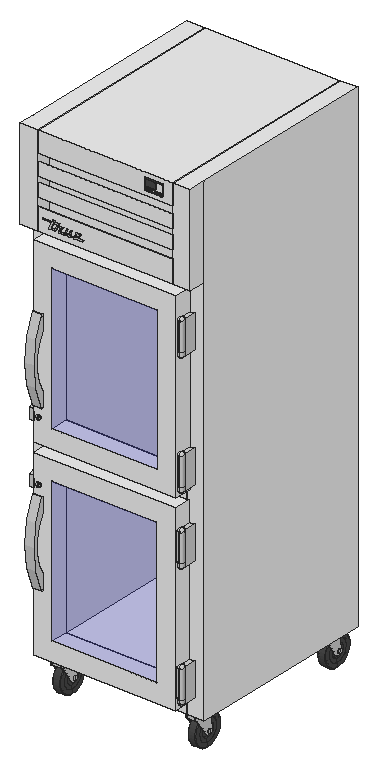
Revit family
Parameters
  Weight in Pounds = 0
  Watts = 1500 W
  Volts = 208 V
  URL Cutsheet = "www.truemfg.com"
  URL = "www.truemfg.com"
  Type Mark [instance] = ""
  Type Comments = ""
  Status [instance] = ""
  Specification by User [instance] = ""
  Specification by Manufacturer = ""
  Show Seismic Flanged [instance] = no
  Show Logo [instance] = yes
  Show Legs [instance] = no
  Show Clearance [instance] = yes
  Serial Number = ""
  Seismic Rating = ""
  Seismic Plate [instance] = and(Show Seismic Flanged, not(Show Casters))  # no
  SMACNA No = ""
  Revision Code [instance] = ""
  Phase = 1
  Omniclass Number and Title = ""
  Number of Poles [instance] = 1
  NAFEM Spec ID Number = ""
  Model = "STR1H-2HG"
  Min Ckt Ampacity = 0 A
  Max Overcurrent Protection = 0 A
  Masterspec = ""
  Manufacturer = "TRUE FOOD SERVICE EQUIPMENT, INC."
  Length = 27 1/2"
  Legs [instance] = or(Show Legs, Show Seismic Flanged)  # no
  Item Number [instance] = ""
  Installed By [instance] = ""
  Identify Quantity as Lot [instance] = yes
  Height = 77 3/4"
  HP = ""
  Furnished By [instance] = ""
  Foodservice Equipment Identifier [instance] = yes
  FL Amps = Watts / Volts  # 7.21154 A
  Electrical Remarks [instance] = ""
  Electric Connection Type [instance] = ""
  Elec Conn RI Height [instance] = 0"
  Elec Conn Connection Height [instance] = 0"
  Description = "Reach-in Glass Half Swing Door Heated Cabinet"
  Depth = 33 3/4"
  Cycle = 60 Hz
  Conn Plug = "6-15P"
  Conn Conduit = yes
  Show Casters [instance] = and(not(if(Show Legs, Show Legs, Show Legs)), not(if(Show Legs, Show Legs, Show Seismic Flanged)))  # yes
  CSI MasterFormat = ""
  CSI Master Format = ""
  Apparent Power = if(Phase = 3, Volts * FL Amps * 1.73, Volts * FL Amps)  # 1500 VA
Reference planes (in)
  plane 1 "BACK": y = 0
  plane 2: z = 0
  plane 3 "LEFT": x = 0
  plane 4 "RIGHT": x = 27.5
  plane 5 "FRONT": y = -33.75
  plane 6 "TOP": z = 84.125
  plane 7: z = 6.125
  plane 8: x = 2.84375
  plane 9: y = -33.7042
Forms (in)
  Extrusion 1, solid, material "QF_Finishes_Chrome - Satin"
    sketch origin (0.05, 0, 0) x (1, 0, 0) y (0, 1, 0)
      loop
        line (-0.05, 0) -> (-0.05, -31) -> (2.87859, -31) -> (2.87859, 0) -> (-0.05, 0)
    from 6.125 to 84.125
  Extrusion 2, solid, material "QF_Finishes_Chrome - Satin"
    sketch origin (50.15, 0, 0) x (1, 0, 0) y (0, 1, 0)
      loop
        line (-25.44375, 0) -> (-25.44375, -31) -> (-22.65, -31) -> (-22.65, 0) -> (-25.44375, 0)
    from 6.125 to 84.125
  Extrusion 3, solid, material "QF_Finishes_Chrome - Satin"
    sketch origin (0, 0, 0) x (0, 1, 0) y (0, 0, 1)
      loop
        line (-33.7042, 69.5) -> (-31, 69.5) -> (-31, 67) -> (-30, 67) -> (-30, 69.5) -> (-2, 69.5) -> (-2, 9.03125) -> (-31, 9.03125) -> (-31, 6.125) -> (0, 6.125) -> (0, 84.125) -> (-33.7042, 84.125) -> (-33.7042, 80.78078) -> (-31.5, 79.21352) -> (-31.5, 78.09125) -> (-33.7042, 79.65851) -> (-33.7042, 77.5248) -> (-31.5, 75.95754) -> (-31.5, 74.99678) -> (-33.7042, 76.56404) -> (-33.7042, 74.46784) -> (-31.5, 72.90057) -> (-31.5, 71.625) -> (-33.7042, 73.19226) -> (-33.7042, 69.5)
      loop
        line (-31, 39.0625) -> (-31, 36.5625) -> (-30, 36.5625) -> (-30, 39.0625) -> (-31, 39.0625)
    from 2.92859 to 24.70625
  Extrusion 4, solid, material "QF_Finishes_Chrome - Satin"
    sketch origin (0, 0, 0) x (1, 0, 0) y (0, 1, 0)
      loop
        line (27.45312, -31) -> (24.70625, -31) -> (24.70625, -33.75) -> (27.45312, -33.75) -> (27.45312, -31)
    from 69.5 to 84.125
  Extrusion 5, solid, material "QF_Finishes_Chrome - Satin"
    sketch origin (-50.125, 0, 0.25) x (1, 0, 0) y (0, 1, 0)
      loop
        line (53.05359, -31) -> (50.17188, -31) -> (50.17188, -33.75) -> (53.05359, -33.75) -> (53.05359, -31)
    from 69.25 to 83.875
  Extrusion 6, solid, material "QF_Finishes_Chrome - Satin"
    sketch origin (-24.96875, 0, -0.71875) x (1, 0, 0) y (0, 0, 1)
      loop
        line (27.15625, 8.75) -> (50.09375, 8.75) -> (50.09375, 37.96875) -> (27.15625, 37.96875) -> (27.15625, 8.75)
      loop
        line (27.15625, 68.6875) -> (27.15625, 39.46875) -> (50.1875, 39.46875) -> (50.1875, 68.6875) -> (27.15625, 68.6875)
      loop
        line (30.15625, 65.6875) -> (30.15625, 42.46875) -> (47.1875, 42.46875) -> (47.1875, 65.6875) -> (30.15625, 65.6875)
      loop
        line (47.09375, 11.75) -> (47.09375, 34.96875) -> (30.15625, 34.96875) -> (30.15625, 11.75) -> (47.09375, 11.75)
    from 31 to 33.75
  Extrusion 7, solid, material "QF_Finishes_Handrails and Railings"
    sketch origin (-8.68981, -0.25, 98.07708) x (0, 1, 0) y (0, 0, 1)
      loop
        line (-33.5, -53.875) -> (-33.5, -51.475)
        arc (-33.5, -51.475) -> (-34.65816, -47.075) -> (-33.5, -42.675) r 8.93715
        line (-33.5, -42.675) -> (-33.5, -40.275) -> (-33.7, -40.275)
        arc (-33.7, -40.275) -> (-35.14405, -47.075) -> (-33.7, -53.875) r 16.7325
        line (-33.7, -53.875) -> (-33.5, -53.875)
    from 10.87731 to 12.37731
  Extrusion 8, solid, material "QF_Finishes_Handrails and Railings"
    sketch origin (-23.375, 0, 2.625) x (1, 0, 0) y (0, 0, 1)
      loop
        circle (26.4375, 40.0625) r 0.35
      loop
        line (26.47265, 40.33635) -> (26.41715, 40.33635) -> (26.41715, 39.76895) -> (26.47265, 39.76895) -> (26.47265, 40.33635)
    from 33.5 to 33.83066
  Extrusion 9, solid, material "QF_Finishes_Handrails and Railings", visible <- "Show Logo"
    sketch origin (0.33478, 1.08173, -6.73143) x (1, 0, 0) y (0, 0, 1)
      loop
        line (3.46044, 78.46231) -> (3.35478, 78.23573) -> (4.76027, 78.23573)
        arc (4.76027, 78.23573) -> (4.78879, 78.18528) -> (4.76027, 78.13484) r 0.05887
        line (4.76027, 78.13484) -> (4.39369, 77.34872)
        arc (4.39369, 77.34872) -> (4.39051, 77.27591) -> (4.43975, 77.22217) r 0.09523
        line (4.43975, 77.22217) -> (5.33844, 77.22217)
        arc (5.33844, 77.22217) -> (5.45192, 77.25795) -> (5.52436, 77.35235) r 0.19785
        line (5.52436, 77.35235) -> (5.81285, 77.97101) -> (6.0779, 77.97101)
        arc (6.0779, 77.97101) -> (6.14744, 77.94543) -> (6.13737, 77.87203) r 0.05911
        line (6.13737, 77.87203) -> (5.89598, 77.35437)
        arc (5.89598, 77.35437) -> (5.89974, 77.2684) -> (5.97231, 77.22217) r 0.09318
        line (5.97231, 77.22217) -> (6.76198, 77.22217)
        arc (6.76198, 77.22217) -> (6.82249, 77.24419) -> (6.85468, 77.29995) r 0.09412
        arc (6.85468, 77.29995) -> (6.87746, 77.24495) -> (6.93246, 77.22217) r 0.07778
        line (6.93246, 77.22217) -> (7.43246, 77.22217)
        arc (7.43246, 77.22217) -> (7.49022, 77.23765) -> (7.53251, 77.27993) r 0.11552
        arc (7.53251, 77.27993) -> (7.55275, 77.23106) -> (7.60162, 77.21081) r 0.06912
        line (7.60162, 77.21081) -> (8.31225, 77.21081)
        arc (8.31225, 77.21081) -> (8.37034, 77.23488) -> (8.39441, 77.29297) r 0.08216
        arc (8.39441, 77.29297) -> (8.44767, 77.23972) -> (8.52042, 77.22022) r 0.14551
        line (8.52042, 77.22022) -> (9.85158, 77.22022) -> (9.99946, 77.47634) -> (8.65678, 77.47634)
        arc (8.65678, 77.47634) -> (8.61972, 77.50204) -> (8.61834, 77.54711) r 0.05009
        line (8.61834, 77.54711) -> (8.64157, 77.59692)
        arc (8.64157, 77.59692) -> (8.67723, 77.64364) -> (8.73327, 77.66135) r 0.09747
        line (8.73327, 77.66135) -> (9.16485, 77.66135)
        arc (9.16485, 77.66135) -> (9.258, 77.68631) -> (9.32619, 77.7545) r 0.1863
        line (9.32619, 77.7545) -> (9.45119, 77.97101)
        arc (9.45119, 77.97101) -> (9.45119, 78.08657) -> (9.35111, 78.14434) r 0.11556
        line (9.35111, 78.14434) -> (8.89562, 78.14434)
        arc (8.89562, 78.14434) -> (8.7795, 78.12462) -> (8.69849, 78.03912) r 0.18605
        line (8.69849, 78.03912) -> (8.48204, 77.57493)
        arc (8.48204, 77.57493) -> (8.41815, 77.49167) -> (8.31806, 77.46011) r 0.1745
        line (8.31806, 77.46011) -> (7.84559, 77.46011)
        arc (7.84559, 77.46011) -> (7.78903, 77.52184) -> (7.79268, 77.60548) r 0.10939
        line (7.79268, 77.60548) -> (8.04395, 78.14434) -> (7.88403, 78.14434) -> (7.61781, 77.57344)
        arc (7.61781, 77.57344) -> (7.56609, 77.50603) -> (7.48505, 77.48048) r 0.14128
        line (7.48505, 77.48048) -> (7.15925, 77.48048)
        arc (7.15925, 77.48048) -> (7.10419, 77.55223) -> (7.116, 77.64189) r 0.11816
        line (7.116, 77.64189) -> (7.3503, 78.14434) -> (7.18514, 78.14434) -> (6.91546, 77.566)
        arc (6.91546, 77.566) -> (6.85285, 77.50339) -> (6.76733, 77.48048) r 0.17104
        line (6.76733, 77.48048) -> (6.29555, 77.48048)
        arc (6.29555, 77.48048) -> (6.21082, 77.51999) -> (6.20267, 77.61313) r 0.0935
        line (6.20267, 77.61313) -> (6.35774, 77.94569) -> (6.57695, 77.94569)
        arc (6.57695, 77.94569) -> (6.61395, 78.05717) -> (6.69267, 78.14434) r 0.2857
        line (6.69267, 78.14434) -> (5.83605, 78.14434)
        arc (5.83605, 78.14434) -> (5.74086, 78.12324) -> (5.67498, 78.05135) r 0.16212
        line (5.67498, 78.05135) -> (5.44279, 77.55341)
        arc (5.44279, 77.55341) -> (5.3894, 77.50002) -> (5.31647, 77.48048) r 0.14586
        line (5.31647, 77.48048) -> (4.80506, 77.48048)
        arc (4.80506, 77.48048) -> (4.76514, 77.53442) -> (4.77274, 77.60109) r 0.09155
        line (4.77274, 77.60109) -> (5.11018, 78.23573) -> (5.96155, 78.23573) -> (6.06721, 78.46231) -> (5.21584, 78.46231) -> (5.32149, 78.68888) -> (5.01862, 78.68888) -> (4.91297, 78.46231) -> (3.46044, 78.46231)
      loop
        arc (8.83805, 77.93863) -> (8.80119, 77.92875) -> (8.7742, 77.90176) r 0.07373
        line (8.7742, 77.90176) -> (8.75229, 77.83436)
        arc (8.75229, 77.83436) -> (8.76245, 77.80983) -> (8.78699, 77.79966) r 0.0347
        line (8.78699, 77.79966) -> (9.15948, 77.79966)
        arc (9.15948, 77.79966) -> (9.18632, 77.80561) -> (9.20812, 77.82234) r 0.0635
        line (9.20812, 77.82234) -> (9.22624, 77.90622)
        arc (9.22624, 77.90622) -> (9.22091, 77.92868) -> (9.20009, 77.93863) r 0.02676
        line (9.20009, 77.93863) -> (8.83805, 77.93863)
    from 34.76797 to 34.83173
  Extrusion 10, solid, material "QF_Finishes_White"
    sketch origin (-23.16691, 1.06376, 1.58022) x (1, 0, 0) y (0, 0, 1)
      loop
        line (43.31732, 81.73227) -> (43.31732, 79.98496) -> (46.22357, 79.98496) -> (46.22357, 81.73227) -> (43.31732, 81.73227)
    from 34.75 to 34.76797
  Extrusion 11, solid, material "QF_Finishes_Black"
    sketch origin (-23.16691, 1.06376, 1.58022) x (1, 0, 0) y (0, 0, 1)
      loop
        line (46.28607, 81.79477) -> (43.25482, 81.79477) -> (43.25482, 79.92246) -> (46.28607, 79.92246) -> (46.28607, 81.79477)
      loop
        spline (43.45482, 80.25372) -> (43.46333, 80.23754) -> (43.48831, 80.22247) -> (43.52804, 80.20952) -> (43.57982, 80.19959) -> (43.64011, 80.19335) -> (43.70482, 80.19122) -> (43.76952, 80.19335) -> (43.82982, 80.19959) -> (43.88159, 80.20952) -> (43.92132, 80.22247) -> (43.9463, 80.23754) -> (43.95482, 80.25372)
        spline (43.95482, 80.25372) -> (43.9463, 80.26989) -> (43.92132, 80.28497) -> (43.88159, 80.29791) -> (43.82982, 80.30784) -> (43.76952, 80.31409) -> (43.70482, 80.31622) -> (43.64011, 80.31409) -> (43.57982, 80.30784) -> (43.52804, 80.29791) -> (43.48831, 80.28497) -> (43.46333, 80.26989) -> (43.45482, 80.25372)
      loop
        spline (44.15083, 80.25372) -> (44.15935, 80.23754) -> (44.18432, 80.22247) -> (44.22405, 80.20952) -> (44.27583, 80.19959) -> (44.33612, 80.19335) -> (44.40083, 80.19122) -> (44.46553, 80.19335) -> (44.52583, 80.19959) -> (44.57761, 80.20952) -> (44.61734, 80.22247) -> (44.64231, 80.23754) -> (44.65083, 80.25372)
        spline (44.65083, 80.25372) -> (44.64231, 80.26989) -> (44.61734, 80.28497) -> (44.57761, 80.29791) -> (44.52583, 80.30784) -> (44.46553, 80.31409) -> (44.40083, 80.31622) -> (44.33612, 80.31409) -> (44.27583, 80.30784) -> (44.22405, 80.29791) -> (44.18432, 80.28497) -> (44.15935, 80.26989) -> (44.15083, 80.25372)
      loop
        spline (44.90083, 80.25372) -> (44.90935, 80.23754) -> (44.93432, 80.22247) -> (44.97405, 80.20952) -> (45.02583, 80.19959) -> (45.08612, 80.19335) -> (45.15083, 80.19122) -> (45.21553, 80.19335) -> (45.27583, 80.19959) -> (45.32761, 80.20952) -> (45.36734, 80.22247) -> (45.39231, 80.23754) -> (45.40083, 80.25372)
        spline (45.40083, 80.25372) -> (45.39231, 80.26989) -> (45.36734, 80.28497) -> (45.32761, 80.29791) -> (45.27583, 80.30784) -> (45.21553, 80.31409) -> (45.15083, 80.31622) -> (45.08612, 80.31409) -> (45.02583, 80.30784) -> (44.97405, 80.29791) -> (44.93432, 80.28497) -> (44.90935, 80.26989) -> (44.90083, 80.25372)
      loop
        line (43.45481, 81.59478) -> (43.45481, 80.59478) -> (45.15433, 80.59478) -> (45.15433, 81.59478) -> (43.45481, 81.59478)
      loop
        line (46.22357, 81.73227) -> (43.31732, 81.73227) -> (43.31732, 79.98496) -> (46.22357, 79.98496) -> (46.22357, 81.73227)
      loop
        spline (45.65083, 80.25372) -> (45.65935, 80.23754) -> (45.68432, 80.22247) -> (45.72405, 80.20952) -> (45.77583, 80.19959) -> (45.83612, 80.19335) -> (45.90083, 80.19122) -> (45.96553, 80.19335) -> (46.02583, 80.19959) -> (46.07761, 80.20952) -> (46.11734, 80.22247) -> (46.14231, 80.23754) -> (46.15083, 80.25372)
        spline (46.15083, 80.25372) -> (46.14231, 80.26989) -> (46.11734, 80.28497) -> (46.07761, 80.29791) -> (46.02583, 80.30784) -> (45.96553, 80.31409) -> (45.90083, 80.31622) -> (45.83612, 80.31409) -> (45.77583, 80.30784) -> (45.72405, 80.29791) -> (45.68432, 80.28497) -> (45.65935, 80.26989) -> (45.65083, 80.25372)
    from 34.76797 to 34.80335
  Extrusion 12, solid
    sketch origin (-25.125, 0, 0) x (1, 0, 0) y (0, 0, 1)
      loop
        circle (49.375, 82) r 0.25
    from 0 to 0.0625
  Blend 13, solid, material "QF_Finishes_Handrails and Railings"
    base sketch origin (27.4375, 0, 4.5) x (-1, 0, 0) y (0, 0, -1)
      loop
        line (25.25, -38.99169) -> (26, -38.99169) -> (26, -37.24169) -> (25.25, -37.24169) -> (25.25, -38.99169)
    top sketch origin (27.4375, 0, 4.5) x (-1, 0, 0) y (0, 0, -1)
      loop
        line (26.18223, -36.6441) -> (25.25, -36.6441) -> (25.25, -39.42643) -> (26.18223, -39.42643) -> (26.18223, -36.6441)
    from 33.57883 to 31
  Extrusion 14, solid, material "QF_Finishes_Handrails and Railings"
    sketch origin (26.1875, 0, 0) x (0, 1, 0) y (0, 0, -1)
      loop
        line (-31, -64.55229) -> (-31, -59.23627) -> (-33.25, -59.23627) -> (-33.25, -59.94848) -> (-32.81497, -59.94848) -> (-32.81497, -64.34776)
        arc (-32.81497, -64.34776) -> (-32.75506, -64.49238) -> (-32.61044, -64.55229) r 0.20453
        line (-32.61044, -64.55229) -> (-31, -64.55229)
    from 0.17506 to 1
  Revolve 15, solid, material "QF_Finishes_Handrails and Railings"
    sketch origin (25.6875, 0, 0) x (0, 1, 0) y (0, 0, -1)
      loop
        line (-33.26563, -60.00189) -> (-33.67229, -60.00189) -> (-33.67229, -64.4736)
        arc (-33.67229, -64.4736) -> (-33.53722, -64.72557) -> (-33.26563, -64.81483) r 0.3848
        line (-33.26563, -64.81483) -> (-33.26563, -60.00189)
      loop
        line (-33.26563, -59.94848) -> (-33.26563, -59.04781)
        arc (-33.26563, -59.04781) -> (-33.53264, -59.13383) -> (-33.67229, -59.37712) r 0.38884
        line (-33.67229, -59.37712) -> (-33.67229, -59.94848) -> (-33.26563, -59.94848)
      axis (-33.26563, -59.04781) -> (-33.26563, -64.81483)
    angle from 0 to 360
  Extrusion 16, solid, material "QF_Finishes_Handrails and Railings"
    sketch origin (27.5, 0, 0) x (-1, 0, 0) y (0, 0, -1)
      loop
        line (1.91491, -64.4736) -> (2.3125, -64.4736) -> (2.3125, -60.00079) -> (1.91491, -60.00079) -> (1.91491, -64.4736)
    from 32.81497 to 33.59495
  Extrusion 17, solid, material "QF_Finishes_Handrails and Railings"
    sketch origin (26.1875, 0, -19.5) x (0, 1, 0) y (0, 0, -1)
      loop
        line (-31, -64.55229) -> (-31, -59.23627) -> (-33.25, -59.23627) -> (-33.25, -59.94848) -> (-32.81497, -59.94848) -> (-32.81497, -64.34776)
        arc (-32.81497, -64.34776) -> (-32.75506, -64.49238) -> (-32.61044, -64.55229) r 0.20453
        line (-32.61044, -64.55229) -> (-31, -64.55229)
    from 0.17506 to 1
  Revolve 18, solid, material "QF_Finishes_Handrails and Railings"
    sketch origin (25.6875, 0, -19.5) x (0, 1, 0) y (0, 0, -1)
      loop
        line (-33.26563, -60.00189) -> (-33.67229, -60.00189) -> (-33.67229, -64.4736)
        arc (-33.67229, -64.4736) -> (-33.53722, -64.72557) -> (-33.26563, -64.81483) r 0.3848
        line (-33.26563, -64.81483) -> (-33.26563, -60.00189)
      loop
        line (-33.26563, -59.94848) -> (-33.26563, -59.04781)
        arc (-33.26563, -59.04781) -> (-33.53264, -59.13383) -> (-33.67229, -59.37712) r 0.38884
        line (-33.67229, -59.37712) -> (-33.67229, -59.94848) -> (-33.26563, -59.94848)
      axis (-33.26563, -59.04781) -> (-33.26563, -64.81483)
    angle from 0 to 360
  Extrusion 19, solid, material "QF_Finishes_Handrails and Railings"
    sketch origin (27.5, 0, -19.5) x (-1, 0, 0) y (0, 0, -1)
      loop
        line (1.91491, -64.4736) -> (2.3125, -64.4736) -> (2.3125, -60.00079) -> (1.91491, -60.00079) -> (1.91491, -64.4736)
    from 32.81497 to 33.59495
  Extrusion 20, solid, material "QF_Finishes_Handrails and Railings"
    sketch origin (26.1875, 0, -30.5) x (0, 1, 0) y (0, 0, -1)
      loop
        line (-31, -64.55229) -> (-31, -59.23627) -> (-33.25, -59.23627) -> (-33.25, -59.94848) -> (-32.81497, -59.94848) -> (-32.81497, -64.34776)
        arc (-32.81497, -64.34776) -> (-32.75506, -64.49238) -> (-32.61044, -64.55229) r 0.20453
        line (-32.61044, -64.55229) -> (-31, -64.55229)
    from 0.17506 to 1
  Revolve 21, solid, material "QF_Finishes_Handrails and Railings"
    sketch origin (25.6875, 0, -30.5) x (0, 1, 0) y (0, 0, -1)
      loop
        line (-33.26563, -60.00189) -> (-33.67229, -60.00189) -> (-33.67229, -64.4736)
        arc (-33.67229, -64.4736) -> (-33.53722, -64.72557) -> (-33.26563, -64.81483) r 0.3848
        line (-33.26563, -64.81483) -> (-33.26563, -60.00189)
      loop
        line (-33.26563, -59.94848) -> (-33.26563, -59.04781)
        arc (-33.26563, -59.04781) -> (-33.53264, -59.13383) -> (-33.67229, -59.37712) r 0.38884
        line (-33.67229, -59.37712) -> (-33.67229, -59.94848) -> (-33.26563, -59.94848)
      axis (-33.26563, -59.04781) -> (-33.26563, -64.81483)
    angle from 0 to 360
  Extrusion 22, solid, material "QF_Finishes_Handrails and Railings"
    sketch origin (27.5, 0, -30.5) x (-1, 0, 0) y (0, 0, -1)
      loop
        line (1.91491, -64.4736) -> (2.3125, -64.4736) -> (2.3125, -60.00079) -> (1.91491, -60.00079) -> (1.91491, -64.4736)
    from 32.81497 to 33.59495
  Extrusion 23, solid, material "QF_Finishes_Handrails and Railings"
    sketch origin (26.1875, 0, -50.25) x (0, 1, 0) y (0, 0, -1)
      loop
        line (-31, -64.55229) -> (-31, -59.23627) -> (-33.25, -59.23627) -> (-33.25, -59.94848) -> (-32.81497, -59.94848) -> (-32.81497, -64.34776)
        arc (-32.81497, -64.34776) -> (-32.75506, -64.49238) -> (-32.61044, -64.55229) r 0.20453
        line (-32.61044, -64.55229) -> (-31, -64.55229)
    from 0.17506 to 1
  Revolve 24, solid, material "QF_Finishes_Handrails and Railings"
    sketch origin (25.6875, 0, -50.25) x (0, 1, 0) y (0, 0, -1)
      loop
        line (-33.26563, -60.00189) -> (-33.67229, -60.00189) -> (-33.67229, -64.4736)
        arc (-33.67229, -64.4736) -> (-33.53722, -64.72557) -> (-33.26563, -64.81483) r 0.3848
        line (-33.26563, -64.81483) -> (-33.26563, -60.00189)
      loop
        line (-33.26563, -59.94848) -> (-33.26563, -59.04781)
        arc (-33.26563, -59.04781) -> (-33.53264, -59.13383) -> (-33.67229, -59.37712) r 0.38884
        line (-33.67229, -59.37712) -> (-33.67229, -59.94848) -> (-33.26563, -59.94848)
      axis (-33.26563, -59.04781) -> (-33.26563, -64.81483)
    angle from 0 to 360
  Extrusion 25, solid, material "QF_Finishes_Handrails and Railings"
    sketch origin (27.5, 0, -50.25) x (-1, 0, 0) y (0, 0, -1)
      loop
        line (1.91491, -64.4736) -> (2.3125, -64.4736) -> (2.3125, -60.00079) -> (1.91491, -60.00079) -> (1.91491, -64.4736)
    from 32.81497 to 33.59495
  Revolve 26, solid, material "QF_Finishes_Black", visible <- "Show Casters"
    sketch origin (22.65625, -27.375, 0) x (1, 0, 0) y (0, 0, 1)
      loop
        line (1.475, 5) -> (1.375, 4.9) -> (1.375, 4.29941) -> (1.53601, 4.29941) -> (1.53601, 3.54941) -> (1.375, 3.54941) -> (1.375, 2.79941) -> (0.975, 2.79941) -> (0.975, 2.5) -> (3.025, 2.5) -> (3.025, 2.79941) -> (2.62908, 2.79941) -> (2.62908, 3.54941) -> (2.46399, 3.54941) -> (2.46399, 4.29941) -> (2.62908, 4.29941) -> (2.62908, 4.89592) -> (2.525, 5) -> (1.475, 5)
      axis (3.025, 2.5) -> (0.975, 2.5)
    angle from 0 to 360
  Extrusion 27, solid, material "QF_Finishes_Handrails and Railings", visible <- "Show Casters"
    sketch origin (22.5625, 0, 0) x (0, 1, 0) y (0, 0, 1)
      loop
        line (-29.95136, 5.48574) -> (-29.95136, 4.88089) -> (-29.70136, 4.88089) -> (-27.95216, 2.18736)
        arc (-27.95216, 2.18736) -> (-27.23883, 1.94868) -> (-26.84581, 2.59003) r 0.60416
        line (-26.84581, 2.59003) -> (-27.20136, 5.48574) -> (-29.95136, 5.48574)
      loop
        line (-3.8577, 5.48574) -> (-3.8577, 4.88089) -> (-3.6077, 4.88089) -> (-1.8585, 2.18736)
        arc (-1.8585, 2.18736) -> (-1.14517, 1.94868) -> (-0.75215, 2.59003) r 0.60416
        line (-0.75215, 2.59003) -> (-1.1077, 5.48574) -> (-3.8577, 5.48574)
    from 1.175 to 1.325
  Extrusion 28, solid, material "QF_Finishes_Handrails and Railings", visible <- "Show Casters"
    sketch origin (24.0625, 0, 0) x (0, 1, 0) y (0, 0, 1)
      loop
        line (-29.95136, 5.48574) -> (-29.95136, 4.88089) -> (-29.70136, 4.88089) -> (-27.95216, 2.18736)
        arc (-27.95216, 2.18736) -> (-27.23883, 1.94868) -> (-26.84581, 2.59003) r 0.60416
        line (-26.84581, 2.59003) -> (-27.20136, 5.48574) -> (-29.95136, 5.48574)
      loop
        line (-3.8577, 5.48574) -> (-3.8577, 4.88089) -> (-3.6077, 4.88089) -> (-1.8585, 2.18736)
        arc (-1.8585, 2.18736) -> (-1.14517, 1.94868) -> (-0.75215, 2.59003) r 0.60416
        line (-0.75215, 2.59003) -> (-1.1077, 5.48574) -> (-3.8577, 5.48574)
    from 1.175 to 1.325
  Revolve 29, solid, material "QF_Finishes_Chrome - Satin", visible <- "Show Casters"
    sketch origin (22.65625, -28.5625, -0.5) x (1, 0, 0) y (0, 0, 1)
      loop
        line (2, 5.99546) -> (2, 6.62359) -> (0.70293, 6.62359) -> (0.70293, 5.99546) -> (2, 5.99546)
      axis (2, 5.99546) -> (2, 6.62359)
    angle from 0 to 360
  Revolve 30, solid, material "QF_Finishes_Chrome - Satin", visible <- "Legs"
    sketch origin (22.65625, -2.69102, 0) x (1, 0, 0) y (0, 0, 1)
      loop
        line (2, 6.125) -> (0.66662, 6.125) -> (1.25, 1) -> (1.5, 1) -> (1.5, 0) -> (2, 0) -> (2, 6.125)
      axis (2, 0) -> (2, 6.125)
    angle from 0 to 360
  Revolve 31, solid, material "QF_Finishes_Chrome - Satin", visible <- "Legs"
    sketch origin (22.65625, -28.65977, 0) x (1, 0, 0) y (0, 0, 1)
      loop
        line (2, 6.125) -> (0.66662, 6.125) -> (1.25, 1) -> (1.5, 1) -> (1.5, 0) -> (2, 0) -> (2, 6.125)
      axis (2, 0) -> (2, 6.125)
    angle from 0 to 360
  Revolve 32, solid, material "QF_Finishes_Chrome - Satin", visible <- "Show Casters"
    sketch origin (22.65625, -2.70321, -0.5) x (1, 0, 0) y (0, 0, 1)
      loop
        line (2, 5.99546) -> (2, 6.62359) -> (0.70293, 6.62359) -> (0.70293, 5.99546) -> (2, 5.99546)
      axis (2, 5.99546) -> (2, 6.62359)
    angle from 0 to 360
  Extrusion 33, solid, material "QF_Finishes_Handrails and Railings", visible <- "Show Casters"
    sketch origin (-25.21875, 0, 0) x (0, 1, 0) y (0, 0, 1)
      loop
        line (-29.95136, 5.48574) -> (-29.95136, 4.88089) -> (-29.70136, 4.88089) -> (-27.16533, 5.19227) -> (-27.20136, 5.48574) -> (-29.95136, 5.48574)
      loop
        line (-3.8577, 5.48574) -> (-3.8577, 4.88089) -> (-3.6077, 4.88089) -> (-1.07167, 5.19227) -> (-1.1077, 5.48574) -> (-3.8577, 5.48574)
    from 49.10625 to 50.45625
  Revolve 34, solid, material "QF_Finishes_Black", visible <- "Show Casters"
    sketch origin (22.65625, -1.21875, 0) x (1, 0, 0) y (0, 0, 1)
      loop
        line (1.475, 5) -> (1.375, 4.9) -> (1.375, 4.29941) -> (1.53601, 4.29941) -> (1.53601, 3.54941) -> (1.375, 3.54941) -> (1.375, 2.79941) -> (0.975, 2.79941) -> (0.975, 2.5) -> (3.025, 2.5) -> (3.025, 2.79941) -> (2.62908, 2.79941) -> (2.62908, 3.54941) -> (2.46399, 3.54941) -> (2.46399, 4.29941) -> (2.62908, 4.29941) -> (2.62908, 4.89592) -> (2.525, 5) -> (1.475, 5)
      axis (3.025, 2.5) -> (0.975, 2.5)
    angle from 0 to 360
  Revolve 35, solid, material "QF_Finishes_Black", visible <- "Show Casters"
    sketch origin (0.84375, -27.375, 0) x (1, 0, 0) y (0, 0, 1)
      loop
        line (1.475, 5) -> (1.375, 4.9) -> (1.375, 4.29941) -> (1.53601, 4.29941) -> (1.53601, 3.54941) -> (1.375, 3.54941) -> (1.375, 2.79941) -> (0.975, 2.79941) -> (0.975, 2.5) -> (3.025, 2.5) -> (3.025, 2.79941) -> (2.62908, 2.79941) -> (2.62908, 3.54941) -> (2.46399, 3.54941) -> (2.46399, 4.29941) -> (2.62908, 4.29941) -> (2.62908, 4.89592) -> (2.525, 5) -> (1.475, 5)
      axis (3.025, 2.5) -> (0.975, 2.5)
    angle from 0 to 360
  Extrusion 36, solid, material "QF_Finishes_Handrails and Railings", visible <- "Show Casters"
    sketch origin (0.84375, 0, 0) x (0, 1, 0) y (0, 0, 1)
      loop
        line (-29.95136, 5.48574) -> (-29.95136, 4.88089) -> (-29.70136, 4.88089) -> (-27.95216, 2.18736)
        arc (-27.95216, 2.18736) -> (-27.23883, 1.94868) -> (-26.84581, 2.59003) r 0.60416
        line (-26.84581, 2.59003) -> (-27.20136, 5.48574) -> (-29.95136, 5.48574)
      loop
        line (-3.8577, 5.48574) -> (-3.8577, 4.88089) -> (-3.6077, 4.88089) -> (-1.8585, 2.18736)
        arc (-1.8585, 2.18736) -> (-1.14517, 1.94868) -> (-0.75215, 2.59003) r 0.60416
        line (-0.75215, 2.59003) -> (-1.1077, 5.48574) -> (-3.8577, 5.48574)
    from 1.175 to 1.325
  Extrusion 37, solid, material "QF_Finishes_Handrails and Railings", visible <- "Show Casters"
    sketch origin (2.34375, 0, 0) x (0, 1, 0) y (0, 0, 1)
      loop
        line (-29.95136, 5.48574) -> (-29.95136, 4.88089) -> (-29.70136, 4.88089) -> (-27.95216, 2.18736)
        arc (-27.95216, 2.18736) -> (-27.23883, 1.94868) -> (-26.84581, 2.59003) r 0.60416
        line (-26.84581, 2.59003) -> (-27.20136, 5.48574) -> (-29.95136, 5.48574)
      loop
        line (-3.8577, 5.48574) -> (-3.8577, 4.88089) -> (-3.6077, 4.88089) -> (-1.8585, 2.18736)
        arc (-1.8585, 2.18736) -> (-1.14517, 1.94868) -> (-0.75215, 2.59003) r 0.60416
        line (-0.75215, 2.59003) -> (-1.1077, 5.48574) -> (-3.8577, 5.48574)
    from 1.175 to 1.325
  Revolve 38, solid, material "QF_Finishes_Chrome - Satin", visible <- "Show Casters"
    sketch origin (0.84375, -28.5625, -0.5) x (1, 0, 0) y (0, 0, 1)
      loop
        line (2, 5.99546) -> (2, 6.62359) -> (0.70293, 6.62359) -> (0.70293, 5.99546) -> (2, 5.99546)
      axis (2, 5.99546) -> (2, 6.62359)
    angle from 0 to 360
  Revolve 39, solid, material "QF_Finishes_Chrome - Satin", visible <- "Legs"
    sketch origin (0.84375, -2.69102, 0) x (1, 0, 0) y (0, 0, 1)
      loop
        line (2, 6.125) -> (0.66662, 6.125) -> (1.25, 1) -> (1.5, 1) -> (1.5, 0) -> (2, 0) -> (2, 6.125)
      axis (2, 0) -> (2, 6.125)
    angle from 0 to 360
  Revolve 40, solid, material "QF_Finishes_Chrome - Satin", visible <- "Legs"
    sketch origin (0.84375, -28.65977, 0) x (1, 0, 0) y (0, 0, 1)
      loop
        line (2, 6.125) -> (0.66662, 6.125) -> (1.25, 1) -> (1.5, 1) -> (1.5, 0) -> (2, 0) -> (2, 6.125)
      axis (2, 0) -> (2, 6.125)
    angle from 0 to 360
  Revolve 41, solid, material "QF_Finishes_Chrome - Satin", visible <- "Show Casters"
    sketch origin (0.84375, -2.70321, -0.5) x (1, 0, 0) y (0, 0, 1)
      loop
        line (2, 5.99546) -> (2, 6.62359) -> (0.70293, 6.62359) -> (0.70293, 5.99546) -> (2, 5.99546)
      axis (2, 5.99546) -> (2, 6.62359)
    angle from 0 to 360
  Extrusion 42, solid, material "QF_Finishes_Handrails and Railings", visible <- "Show Casters"
    sketch origin (-46.9375, 0, 0) x (0, 1, 0) y (0, 0, 1)
      loop
        line (-29.95136, 5.48574) -> (-29.95136, 4.88089) -> (-29.70136, 4.88089) -> (-27.16533, 5.19227) -> (-27.20136, 5.48574) -> (-29.95136, 5.48574)
      loop
        line (-3.8577, 5.48574) -> (-3.8577, 4.88089) -> (-3.6077, 4.88089) -> (-1.07167, 5.19227) -> (-1.1077, 5.48574) -> (-3.8577, 5.48574)
    from 49.10625 to 50.45625
  Revolve 43, solid, material "QF_Finishes_Black", visible <- "Show Casters"
    sketch origin (0.84375, -1.21875, 0) x (1, 0, 0) y (0, 0, 1)
      loop
        line (1.475, 5) -> (1.375, 4.9) -> (1.375, 4.29941) -> (1.53601, 4.29941) -> (1.53601, 3.54941) -> (1.375, 3.54941) -> (1.375, 2.79941) -> (0.975, 2.79941) -> (0.975, 2.5) -> (3.025, 2.5) -> (3.025, 2.79941) -> (2.62908, 2.79941) -> (2.62908, 3.54941) -> (2.46399, 3.54941) -> (2.46399, 4.29941) -> (2.62908, 4.29941) -> (2.62908, 4.89592) -> (2.525, 5) -> (1.475, 5)
      axis (3.025, 2.5) -> (0.975, 2.5)
    angle from 0 to 360
  Extrusion 44, solid, material "QF_Finishes_Door Clearance", visible <- "Show Clearance", detail levels coarse
    sketch origin (26.33466, -3.6098, 0) x (1, 0, 0) y (0, 1, 0)
      loop
        line (-1.17841, -30.1402) -> (-24.14716, -30.1402)
        arc (-24.14716, -30.1402) -> (-17.41977, -46.38156) -> (-1.17841, -53.10895) r 22.96875
        line (-1.17841, -53.10895) -> (-1.17841, -30.1402)
    from 38.75 to 67.96875
  Extrusion 45, solid, material "Glass"
    sketch origin (-24.96875, 0, -0.71875) x (1, 0, 0) y (0, 0, 1)
      loop
        line (30.15625, 34.96875) -> (30.15625, 11.75) -> (47.09375, 11.75) -> (47.09375, 34.96875) -> (30.15625, 34.96875)
      loop
        line (30.15625, 65.6875) -> (30.15625, 42.46875) -> (47.1875, 42.46875) -> (47.1875, 65.6875) -> (30.15625, 65.6875)
    from 31 to 33.75
  Extrusion 46, solid, material "QF_Finishes_Chrome - Satin", visible <- "Seismic Plate"
    sketch origin (-0.22541, -26.96562, 0) x (1, 0, 0) y (0, 1, 0)
      loop
        circle (3.06916, -1.69416) r 1.5
    from 0 to 0.25
  Extrusion 47, solid, material "QF_Finishes_Chrome - Satin", visible <- "Seismic Plate"
    sketch origin (-0.22541, -0.99687, 0) x (1, 0, 0) y (0, 1, 0)
      loop
        circle (3.06916, -1.69416) r 1.5
    from 0 to 0.25
  Extrusion 48, solid, material "QF_Finishes_Chrome - Satin", visible <- "Seismic Plate"
    sketch origin (21.49334, -0.99687, 0) x (1, 0, 0) y (0, 1, 0)
      loop
        circle (3.16291, -1.69416) r 1.5
    from 0 to 0.25
  Extrusion 49, solid, material "QF_Finishes_Chrome - Satin", visible <- "Seismic Plate"
    sketch origin (21.49334, -26.96562, 0) x (1, 0, 0) y (0, 1, 0)
      loop
        circle (3.16291, -1.69416) r 1.5
    from 0 to 0.25
  Extrusion 50, solid, material "QF_Finishes_Door Clearance", visible <- "Show Clearance", detail levels coarse
    sketch origin (26.33466, -3.6098, -30.71875) x (1, 0, 0) y (0, 1, 0)
      loop
        line (-1.17841, -30.1402) -> (-24.14716, -30.1402)
        arc (-24.14716, -30.1402) -> (-17.41977, -46.38156) -> (-1.17841, -53.10895) r 22.96875
        line (-1.17841, -53.10895) -> (-1.17841, -30.1402)
    from 38.75 to 67.96875
  Extrusion 51, solid, material "QF_Finishes_Handrails and Railings"
    sketch origin (-8.68981, -0.25, -22.45208) x (0, 1, 0) y (0, 0, 1)
      loop
        line (-33.5, 53.875) -> (-33.7, 53.875)
        arc (-33.7, 53.875) -> (-35.14405, 47.075) -> (-33.7, 40.275) r 16.7325
        line (-33.7, 40.275) -> (-33.5, 40.275) -> (-33.5, 42.675)
        arc (-33.5, 42.675) -> (-34.65816, 47.075) -> (-33.5, 51.475) r 8.93715
        line (-33.5, 51.475) -> (-33.5, 53.875)
    from 10.87731 to 12.37731
  Extrusion 52, solid, material "QF_Finishes_Handrails and Railings"
    sketch origin (-23.375, 0, 73) x (1, 0, 0) y (0, 0, 1)
      loop
        circle (26.4375, -40.0625) r 0.35
      loop
        line (26.47265, -40.33635) -> (26.47265, -39.76895) -> (26.41715, -39.76895) -> (26.41715, -40.33635) -> (26.47265, -40.33635)
    from 33.5 to 33.83066
  Blend 53, solid, material "QF_Finishes_Handrails and Railings"
    base sketch origin (27.4375, 0, 71.125) x (-1, 0, 0) y (0, 0, -1)
      loop
        line (25.25, 38.99169) -> (25.25, 37.24169) -> (26, 37.24169) -> (26, 38.99169) -> (25.25, 38.99169)
    top sketch origin (27.4375, 0, 71.125) x (-1, 0, 0) y (0, 0, -1)
      loop
        line (26.18223, 36.6441) -> (26.18223, 39.42643) -> (25.25, 39.42643) -> (25.25, 36.6441) -> (26.18223, 36.6441)
    from 33.57883 to 31
Cuts and joins
  joined: Extrusion 1, Extrusion 2, Extrusion 4, Extrusion 5
Lines and regions (in)
  symbolic lines
    curve 1: line (0, 0, 0) -> (27.5, 0, 0)
    curve 2: line (0, -33.75, 0) -> (0, 0, 0)
    curve 3: line (27.5, -33.75, 0) -> (0, -33.75, 0)
    curve 4: line (27.5, 0, 0) -> (27.5, -33.75, 0)
    curve 5: line (27.5, -31.5, 0) -> (0, -31.5, 0)
    curve 24: line (3.6875, -35.39405, 0) -> (3.6875, -33.75, 0)
    curve 25: line (2.1875, -35.39405, 0) -> (2.1875, -33.75, 0)
    curve 26: line (2.1875, -33.95, 0) -> (3.6875, -33.95, 0)
    curve 27: line (3.6875, -35.39405, 0) -> (2.1875, -35.39405, 0)
  symbolic lines, style "SpecialityEquipmentHiddenLines", visible <- "Show Casters"
    curve 6: line (3.82597, -24.4208, 0) -> (5.12501, -25.1708, 0)
    curve 7: line (1.20097, -28.96743, 0) -> (3.82597, -24.4208, 0)
    curve 8: line (2.50001, -29.71743, 0) -> (1.20097, -28.96743, 0)
    curve 9: line (5.12501, -25.1708, 0) -> (2.50001, -29.71743, 0)
    curve 10: line (3.82597, -0.4208, 0) -> (5.12501, -1.1708, 0)
    curve 11: line (1.20097, -4.96743, 0) -> (3.82597, -0.4208, 0)
    curve 12: line (2.50001, -5.71743, 0) -> (1.20097, -4.96743, 0)
    curve 13: line (5.12501, -1.1708, 0) -> (2.50001, -5.71743, 0)
    curve 14: line (24.73343, -0.4208, 0) -> (26.03247, -1.1708, 0)
    curve 15: line (22.10843, -4.96743, 0) -> (24.73343, -0.4208, 0)
    curve 16: line (23.40747, -5.71743, 0) -> (22.10843, -4.96743, 0)
    curve 17: line (26.03247, -1.1708, 0) -> (23.40747, -5.71743, 0)
    curve 18: line (24.82718, -24.52487, 0) -> (26.12622, -25.27487, 0)
    curve 19: line (22.20218, -29.07151, 0) -> (24.82718, -24.52487, 0)
    curve 20: line (23.50122, -29.82151, 0) -> (22.20218, -29.07151, 0)
    curve 21: line (26.12622, -25.27487, 0) -> (23.50122, -29.82151, 0)
  symbolic lines, style "QF-Door Swings", visible <- "Show Clearance", detail levels coarse
    curve 22: line (25.15625, -33.75, 0) -> (25.15625, -56.71875, 0)
    curve 23: arc (25.15625, -56.71875, 0) -> (8.91489, -49.99136, 0) -> (2.1875, -33.75, 0) r 22.96875
Dimensions and locks (in)
  "Depth": plane 5 "FRONT" to plane 1 "BACK"
  plane 7 to level = 6 1/8"
  plane 6 "TOP" to level = 84 1/8"
  plane 6 "TOP" to plane 7 = 78"
  plane 6 "TOP" to cut or joined group of Extrusion 1, Extrusion 2, Extrusion 4, Extrusion 5 = 14 5/8"
  Extrusion 6 sketch curve to Extrusion 6 sketch curve = 22 15/16"
  Extrusion 6 to plane 1 "BACK" = 33 3/4"
  "Length": plane 3 "LEFT" to plane 4 "RIGHT"
  plane 4 "RIGHT" to plane 3 "LEFT" = 27 1/2"
  cut or joined group of Extrusion 1, Extrusion 2, Extrusion 4, Extrusion 5 to cut or joined group of Extrusion 1, Extrusion 2, Extrusion 4, Extrusion 5 = 27 13/32"
  locked: Extrusion 6 sketch curve to Extrusion 6 sketch curve at 3  (x2)
  Extrusion 6 to Extrusion 6 = 22 15/16"
  aligned and locked: level to plane 2
Automatic sketch dimensions
  Extrusion 1 sketch curve to plane 3 "LEFT" = 0"
  plane 1 "BACK" to Extrusion 1 sketch curve = 0"
  plane 8 to Extrusion 1 sketch curve = 0.08484"
  Extrusion 1 sketch curve to plane 5 "FRONT" = 2 3/4"
  plane 1 "BACK" to Extrusion 2 sketch curve = 0"
  Extrusion 2 sketch curve to plane 4 "RIGHT" = 0"
  Extrusion 2 sketch curve to plane 4 "RIGHT" = 2.79375"
  Extrusion 2 sketch curve to plane 5 "FRONT" = 2 3/4"
  plane 5 "FRONT" to Extrusion 4 sketch curve = 0"
  Extrusion 4 sketch curve to plane 4 "RIGHT" = 2.79375"
  Extrusion 4 sketch curve to plane 4 "RIGHT" = 3/64"
  Extrusion 4 sketch curve to plane 5 "FRONT" = 2 3/4"
  plane 5 "FRONT" to Extrusion 5 sketch curve = 0"
  plane 3 "LEFT" to Extrusion 5 sketch curve = 3/64"
  plane 8 to Extrusion 5 sketch curve = 0.08484"
  Extrusion 5 sketch curve to plane 5 "FRONT" = 2 3/4"
  Extrusion 6 sketch curve to plane 8 = 21/32"  (x2)
  Extrusion 6 sketch curve to Extrusion 6 sketch curve = 3"  (x5)
  Extrusion 6 sketch curve to plane 4 "RIGHT" = 5 9/32"
  Extrusion 6 sketch curve to plane 4 "RIGHT" = 2 9/32"
  plane 7 to Extrusion 6 sketch curve = 1 29/32"
  Extrusion 6 sketch curve to Extrusion 6 sketch curve = 23 7/32"
  Extrusion 6 sketch curve to Extrusion 6 sketch curve = 1 1/2"
  Extrusion 6 sketch curve to plane 6 "TOP" = 19 5/32"
  plane 5 "FRONT" to Extrusion 7 sketch curve = 0.2"  (x2)
  plane 5 "FRONT" to Extrusion 7 sketch curve = 0"  (x2)
  Extrusion 7 sketch curve to plane 5 "FRONT" = 7.77899"
  Extrusion 7 sketch curve to Extrusion 7 sketch curve = 7.30945"
  plane 7 to Extrusion 7 sketch curve = 38.07708"
  Extrusion 7 sketch curve to Extrusion 7 sketch curve = 2.4"
  Extrusion 7 sketch curve to Extrusion 7 sketch curve = 4.4"
  Extrusion 7 sketch curve to Extrusion 7 sketch curve = 0"
  plane 8 to Extrusion 8 sketch curve = 0.1984"
  plane 8 to Extrusion 8 sketch curve = 7/32"
  Extrusion 8 sketch curve to Extrusion 8 sketch curve = 0.0555"
  plane 7 to Extrusion 8 sketch curve = 36.26895"
  Extrusion 8 sketch curve to Extrusion 8 sketch curve = 0.29355"
  Extrusion 8 sketch curve to Extrusion 8 sketch curve = 0.27385"
  plane 8 to Extrusion 9 sketch curve = 0.84582"
  Extrusion 9 sketch curve to Extrusion 9 sketch curve = 0.10565"  (x5)
  Extrusion 9 sketch curve to Extrusion 9 sketch curve = 1.03891"
  Extrusion 9 sketch curve to Extrusion 9 sketch curve = 0.04606"
  Extrusion 9 sketch curve to Extrusion 9 sketch curve = 0.04025"
  Extrusion 9 sketch curve to Extrusion 9 sketch curve = 0.33624"
  Extrusion 9 sketch curve to Extrusion 9 sketch curve = 0.03034"  (x2)
  Extrusion 9 sketch curve to Extrusion 9 sketch curve = 0.29274"
  Extrusion 9 sketch curve to Extrusion 9 sketch curve = 0.03232"
  Extrusion 9 sketch curve to Extrusion 9 sketch curve = 0.08083"
  Extrusion 9 sketch curve to Extrusion 9 sketch curve = 0.1527"
  Extrusion 9 sketch curve to Extrusion 9 sketch curve = 0.19721"
  Extrusion 9 sketch curve to Extrusion 9 sketch curve = 0.4629"
  Extrusion 9 sketch curve to Extrusion 9 sketch curve = 0.02197"
  Extrusion 9 sketch curve to Extrusion 9 sketch curve = 0.12632"
  Extrusion 9 sketch curve to Extrusion 9 sketch curve = 0.18591"
  Extrusion 9 sketch curve to Extrusion 9 sketch curve = 0.2322"
  Extrusion 9 sketch curve to Extrusion 9 sketch curve = 0.13786"
  Extrusion 9 sketch curve to Extrusion 9 sketch curve = 0.00907"
  Extrusion 9 sketch curve to Extrusion 9 sketch curve = 0.01413"
  Extrusion 9 sketch curve to Extrusion 9 sketch curve = 0.37162"
  Extrusion 9 sketch curve to Extrusion 9 sketch curve = 0.12551"
  Extrusion 9 sketch curve to Extrusion 9 sketch curve = 0.07633"
  Extrusion 9 sketch curve to Extrusion 9 sketch curve = 0.08445"
  Extrusion 9 sketch curve to Extrusion 9 sketch curve = 0.25598"
  Extrusion 9 sketch curve to Extrusion 9 sketch curve = 0.01887"
  Extrusion 9 sketch curve to Extrusion 9 sketch curve = 0.04061"
  Extrusion 9 sketch curve to Extrusion 9 sketch curve = 0.0653"
  Extrusion 9 sketch curve to Extrusion 9 sketch curve = 0.08474"
  Extrusion 9 sketch curve to Extrusion 9 sketch curve = 0.00815"
  Extrusion 9 sketch curve to Extrusion 9 sketch curve = 0.22037"
  Extrusion 9 sketch curve to Extrusion 9 sketch curve = 0.21921"
  Extrusion 9 sketch curve to Extrusion 9 sketch curve = 0.11572"
  Extrusion 9 sketch curve to Extrusion 9 sketch curve = 0.46643"
  Extrusion 9 sketch curve to Extrusion 9 sketch curve = 0.00535"
  Extrusion 9 sketch curve to Extrusion 9 sketch curve = 0.09269"
  Extrusion 9 sketch curve to Extrusion 9 sketch curve = 0.09348"
  Extrusion 9 sketch curve to Extrusion 9 sketch curve = 0.14812"
  Extrusion 9 sketch curve to Extrusion 9 sketch curve = 0.07778"  (x3)
  Extrusion 9 sketch curve to Extrusion 9 sketch curve = 0.20054"
  Extrusion 9 sketch curve to Extrusion 9 sketch curve = 0.04325"
  Extrusion 9 sketch curve to Extrusion 9 sketch curve = 0.32433"
  Extrusion 9 sketch curve to Extrusion 9 sketch curve = 0.10233"  (x2)
  Extrusion 9 sketch curve to Extrusion 9 sketch curve = 0.16515"
  Extrusion 9 sketch curve to Extrusion 9 sketch curve = 0.27321"
  Extrusion 9 sketch curve to Extrusion 9 sketch curve = 0.0526"
  Extrusion 9 sketch curve to Extrusion 9 sketch curve = 0.10005"
  Extrusion 9 sketch curve to Extrusion 9 sketch curve = 0.06912"
  Extrusion 9 sketch curve to Extrusion 9 sketch curve = 0.13276"
  Extrusion 9 sketch curve to Extrusion 9 sketch curve = 0.17486"
  Extrusion 9 sketch curve to Extrusion 9 sketch curve = 0.05291"
  Extrusion 9 sketch curve to Extrusion 9 sketch curve = 0.53374"
  Extrusion 9 sketch curve to Extrusion 9 sketch curve = 0.09914"  (x2)
  Extrusion 9 sketch curve to Extrusion 9 sketch curve = 0.15992"
  Extrusion 9 sketch curve to Extrusion 9 sketch curve = 0.46666"
  Extrusion 9 sketch curve to Extrusion 9 sketch curve = 0.00582"
  Extrusion 9 sketch curve to Extrusion 9 sketch curve = 0.08216"
  Extrusion 9 sketch curve to Extrusion 9 sketch curve = 0.16397"
  Extrusion 9 sketch curve to Extrusion 9 sketch curve = 0.12601"
  Extrusion 9 sketch curve to Extrusion 9 sketch curve = 0.1363"
  Extrusion 9 sketch curve to Extrusion 9 sketch curve = 0.02323"
  Extrusion 9 sketch curve to Extrusion 9 sketch curve = 0.03844"
  Extrusion 9 sketch curve to Extrusion 9 sketch curve = 0.0454"
  Extrusion 9 sketch curve to Extrusion 9 sketch curve = 0.05693"
  Extrusion 9 sketch curve to Extrusion 9 sketch curve = 0.0917"
  Extrusion 9 sketch curve to Extrusion 9 sketch curve = 0.01902"
  Extrusion 9 sketch curve to Extrusion 9 sketch curve = 0.02191"
  Extrusion 9 sketch curve to Extrusion 9 sketch curve = 0.0347"
  Extrusion 9 sketch curve to Extrusion 9 sketch curve = 0.06385"
  Extrusion 9 sketch curve to Extrusion 9 sketch curve = 0.02906"
  Extrusion 9 sketch curve to Extrusion 9 sketch curve = 0.02851"
  Extrusion 9 sketch curve to Extrusion 9 sketch curve = 0.29237"
  Extrusion 9 sketch curve to Extrusion 9 sketch curve = 0.00537"
  Extrusion 9 sketch curve to Extrusion 9 sketch curve = 0.0406"
  Extrusion 9 sketch curve to Extrusion 9 sketch curve = 0.04327"
  Extrusion 9 sketch curve to Extrusion 9 sketch curve = 0.02615"
  Extrusion 9 sketch curve to Extrusion 9 sketch curve = 0.11806"
  Extrusion 9 sketch curve to Extrusion 9 sketch curve = 0.15103"
  Extrusion 9 sketch curve to Extrusion 9 sketch curve = 0.10007"
  Extrusion 9 sketch curve to Extrusion 9 sketch curve = 0.5254"
  Extrusion 9 sketch curve to Extrusion 9 sketch curve = 0.14787"
  Extrusion 9 sketch curve to plane 6 "TOP" = 13.64562"
  Extrusion 9 sketch curve to Extrusion 9 sketch curve = 0.07275"
  Extrusion 9 sketch curve to Extrusion 9 sketch curve = 0.05776"
  Extrusion 9 sketch curve to Extrusion 9 sketch curve = 0.08631"
  Extrusion 9 sketch curve to Extrusion 9 sketch curve = 0.09282"
  Extrusion 9 sketch curve to Extrusion 9 sketch curve = 0.13018"
  Extrusion 9 sketch curve to Extrusion 9 sketch curve = 0.16714"
  Extrusion 9 sketch curve to Extrusion 9 sketch curve = 0.11061"
  Extrusion 9 sketch curve to Extrusion 9 sketch curve = 0.06046"
  Extrusion 9 sketch curve to Extrusion 9 sketch curve = 0.16548"
  Extrusion 9 sketch curve to Extrusion 9 sketch curve = 0.14279"
  Extrusion 9 sketch curve to Extrusion 9 sketch curve = 0.0496"
  Extrusion 9 sketch curve to Extrusion 9 sketch curve = 0.07293"
  Extrusion 9 sketch curve to Extrusion 9 sketch curve = 0.07764"
  Extrusion 9 sketch curve to Extrusion 9 sketch curve = 0.03794"
  Extrusion 9 sketch curve to Extrusion 9 sketch curve = 0.08552"
  Extrusion 9 sketch curve to Extrusion 9 sketch curve = 0.09296"
  Extrusion 9 sketch curve to Extrusion 9 sketch curve = 0.09314"
  Extrusion 9 sketch curve to Extrusion 9 sketch curve = 0.02781"
  Extrusion 9 sketch curve to Extrusion 9 sketch curve = 0.04981"
  Extrusion 9 sketch curve to Extrusion 9 sketch curve = 0.09315"
  Extrusion 9 sketch curve to Extrusion 9 sketch curve = 0.04799"
  Extrusion 9 sketch curve to Extrusion 9 sketch curve = 0.02531"
  Extrusion 9 sketch curve to Extrusion 9 sketch curve = 0.03054"
  Extrusion 9 sketch curve to Extrusion 9 sketch curve = 0.2589"
  Extrusion 9 sketch curve to Extrusion 9 sketch curve = 0.0674"
  Extrusion 9 sketch curve to Extrusion 9 sketch curve = 0.0324"
  Extrusion 9 sketch curve to Extrusion 9 sketch curve = 0.26185"
  Extrusion 9 sketch curve to Extrusion 9 sketch curve = 11/256"
  Extrusion 9 sketch curve to Extrusion 9 sketch curve = 0.07366"
  Extrusion 9 sketch curve to Extrusion 9 sketch curve = 0.02187"
  Extrusion 9 sketch curve to Extrusion 9 sketch curve = 0.06479"
  Extrusion 9 sketch curve to Extrusion 9 sketch curve = 0.01183"
  Extrusion 9 sketch curve to Extrusion 9 sketch curve = 0.05778"
  Extrusion 9 sketch curve to Extrusion 9 sketch curve = 0.53375"
  Extrusion 9 sketch curve to Extrusion 9 sketch curve = 0.23098"
  Extrusion 9 sketch curve to Extrusion 9 sketch curve = 0"
  Extrusion 9 sketch curve to Extrusion 9 sketch curve = 0.05045"
  Extrusion 9 sketch curve to Extrusion 9 sketch curve = 0.09139"
  Extrusion 9 sketch curve to Extrusion 9 sketch curve = 29/128"  (x3)
  Extrusion 10 sketch curve to plane 6 "TOP" = 2.55982"
  Extrusion 10 sketch curve to plane 4 "RIGHT" = 7.3496"
  Extrusion 10 sketch curve to Extrusion 10 sketch curve = 2 29/32"
  Extrusion 10 sketch curve to plane 6 "TOP" = 13/16"
  Extrusion 11 sketch curve to plane 6 "TOP" = 3/4"
  Extrusion 11 sketch curve to plane 4 "RIGHT" = 7.4121"
  Extrusion 11 sketch curve to Extrusion 11 sketch curve = 1/16"  (x4)
  Extrusion 11 sketch curve to Extrusion 11 sketch curve = 0.1375"  (x2)
  Extrusion 11 sketch curve to Extrusion 11 sketch curve = 1/4"  (x4)
  Extrusion 11 sketch curve to Extrusion 11 sketch curve = 0.44601"
  Extrusion 11 sketch curve to Extrusion 11 sketch curve = 1/2"  (x2)
  Extrusion 11 sketch curve to Extrusion 11 sketch curve = 0.0035"
  Extrusion 11 sketch curve to Extrusion 11 sketch curve = 1.06923"
  Extrusion 11 sketch curve to plane 6 "TOP" = 0.95"
  Extrusion 11 sketch curve to Extrusion 11 sketch curve = 1"
  Extrusion 11 sketch curve to Extrusion 11 sketch curve = 0.34106"  (x3)
  Extrusion 11 sketch curve to Extrusion 11 sketch curve = 0"
  Extrusion 11 sketch curve to Extrusion 11 sketch curve = 0.26876"
  Extrusion 12 sketch curve to plane 4 "RIGHT" = 3 1/4"
  Extrusion 12 sketch curve to plane 6 "TOP" = 2 1/8"
  Blend 13 sketch curve to plane 8 = 21/32"
  Blend 13 sketch curve to Blend 13 sketch curve = 3/4"
  plane 7 to Blend 13 sketch curve = 37.36669"
  Blend 13 sketch curve to Blend 13 sketch curve = 1 3/4"
  plane 8 to Blend 13 sketch curve = 21/32"
  Blend 13 sketch curve to Blend 13 sketch curve = 0.93223"
  Blend 13 sketch curve to plane 7 = 35.0191"
  Blend 13 sketch curve to Blend 13 sketch curve = 2.78233"
  Extrusion 14 sketch curve to plane 5 "FRONT" = 1/2"
  Extrusion 14 sketch curve to Extrusion 14 sketch curve = 0.43503"
  Extrusion 14 sketch curve to Extrusion 14 sketch curve = 0.20453"
  Extrusion 14 sketch curve to Extrusion 14 sketch curve = 1.61044"
  Extrusion 14 sketch curve to plane 6 "TOP" = 19.57271"
  Extrusion 14 sketch curve to Extrusion 14 sketch curve = 4.39928"
  Extrusion 14 sketch curve to Extrusion 14 sketch curve = 0.71221"
  Revolve 15 sketch curve to plane 5 "FRONT" = 0.07771"  (x2)
  Revolve 15 sketch curve to Revolve 15 sketch curve = 0.38242"
  Revolve 15 sketch curve to Revolve 15 sketch curve = 0.38436"
  Revolve 15 sketch curve to plane 5 "FRONT" = 31/64"
  Revolve 15 sketch curve to Revolve 15 sketch curve = 0.40666"
  Revolve 15 sketch curve to Revolve 15 sketch curve = 0"
  Revolve 15 sketch curve to plane 6 "TOP" = 18.75492"
  Revolve 15 sketch curve to Revolve 15 sketch curve = 0.55526"
  Revolve 15 sketch curve to Revolve 15 sketch curve = 0.19474"
  Revolve 15 sketch curve to Revolve 15 sketch curve = 0.14649"
  Revolve 15 sketch curve to Revolve 15 sketch curve = 4.42889"
  Revolve 15 sketch curve to Revolve 15 sketch curve = 0.05342"
  Revolve 15 sketch curve to Revolve 15 sketch curve = 0.51246"
  Revolve 15 sketch curve to Revolve 15 sketch curve = 0.05889"
  Extrusion 16 sketch curve to plane 4 "RIGHT" = 1.91491"
  Extrusion 16 sketch curve to Extrusion 16 sketch curve = 0.39759"
  Extrusion 16 sketch curve to plane 6 "TOP" = 19.6514"
  Extrusion 16 sketch curve to Extrusion 16 sketch curve = 4.47281"
  Extrusion 17 sketch curve to plane 5 "FRONT" = 1/2"
  Extrusion 17 sketch curve to Extrusion 17 sketch curve = 0.43503"
  Extrusion 17 sketch curve to Extrusion 17 sketch curve = 0.20453"
  Extrusion 17 sketch curve to Extrusion 17 sketch curve = 1.61044"
  plane 7 to Extrusion 17 sketch curve = 38.92729"
  Extrusion 17 sketch curve to Extrusion 17 sketch curve = 4.39928"
  Extrusion 17 sketch curve to Extrusion 17 sketch curve = 0.71221"
  Revolve 18 sketch curve to plane 5 "FRONT" = 0.07771"  (x2)
  Revolve 18 sketch curve to Revolve 18 sketch curve = 0.38242"
  Revolve 18 sketch curve to Revolve 18 sketch curve = 0.38436"
  Revolve 18 sketch curve to plane 5 "FRONT" = 31/64"
  Revolve 18 sketch curve to Revolve 18 sketch curve = 0.40666"
  Revolve 18 sketch curve to Revolve 18 sketch curve = 0"
  Revolve 18 sketch curve to plane 6 "TOP" = 38.25492"
  Revolve 18 sketch curve to Revolve 18 sketch curve = 0.55526"
  Revolve 18 sketch curve to Revolve 18 sketch curve = 0.19474"
  Revolve 18 sketch curve to Revolve 18 sketch curve = 0.14649"
  Revolve 18 sketch curve to Revolve 18 sketch curve = 4.42889"
  Revolve 18 sketch curve to Revolve 18 sketch curve = 0.05342"
  Revolve 18 sketch curve to Revolve 18 sketch curve = 0.51246"
  Revolve 18 sketch curve to Revolve 18 sketch curve = 0.05889"
  Extrusion 19 sketch curve to plane 4 "RIGHT" = 1.91491"
  Extrusion 19 sketch curve to Extrusion 19 sketch curve = 0.39759"
  plane 7 to Extrusion 19 sketch curve = 38.8486"
  Extrusion 19 sketch curve to Extrusion 19 sketch curve = 4.47281"
  Extrusion 20 sketch curve to plane 5 "FRONT" = 1/2"
  Extrusion 20 sketch curve to Extrusion 20 sketch curve = 0.43503"
  Extrusion 20 sketch curve to Extrusion 20 sketch curve = 0.20453"
  Extrusion 20 sketch curve to Extrusion 20 sketch curve = 1.61044"
  plane 7 to Extrusion 20 sketch curve = 27.92729"
  Extrusion 20 sketch curve to Extrusion 20 sketch curve = 4.39928"
  Extrusion 20 sketch curve to Extrusion 20 sketch curve = 0.71221"
  Revolve 21 sketch curve to plane 5 "FRONT" = 0.07771"  (x2)
  Revolve 21 sketch curve to Revolve 21 sketch curve = 0.38242"
  Revolve 21 sketch curve to Revolve 21 sketch curve = 0.38436"
  Revolve 21 sketch curve to plane 5 "FRONT" = 31/64"
  Revolve 21 sketch curve to Revolve 21 sketch curve = 0.40666"
  Revolve 21 sketch curve to Revolve 21 sketch curve = 0"
  plane 7 to Revolve 21 sketch curve = 28.74508"
  Revolve 21 sketch curve to Revolve 21 sketch curve = 0.55526"
  Revolve 21 sketch curve to Revolve 21 sketch curve = 0.19474"
  Revolve 21 sketch curve to Revolve 21 sketch curve = 0.14649"
  Revolve 21 sketch curve to Revolve 21 sketch curve = 4.42889"
  Revolve 21 sketch curve to Revolve 21 sketch curve = 0.05342"
  Revolve 21 sketch curve to Revolve 21 sketch curve = 0.51246"
  Revolve 21 sketch curve to Revolve 21 sketch curve = 0.05889"
  Extrusion 22 sketch curve to plane 4 "RIGHT" = 1.91491"
  Extrusion 22 sketch curve to Extrusion 22 sketch curve = 0.39759"
  plane 7 to Extrusion 22 sketch curve = 27.8486"
  Extrusion 22 sketch curve to Extrusion 22 sketch curve = 4.47281"
  Extrusion 23 sketch curve to plane 5 "FRONT" = 1/2"
  Extrusion 23 sketch curve to Extrusion 23 sketch curve = 0.43503"
  Extrusion 23 sketch curve to Extrusion 23 sketch curve = 0.20453"
  Extrusion 23 sketch curve to Extrusion 23 sketch curve = 1.61044"
  plane 7 to Extrusion 23 sketch curve = 8.17729"
  plane 7 to Extrusion 23 sketch curve = 3.57348"
  Extrusion 23 sketch curve to Extrusion 23 sketch curve = 0.71221"
  Revolve 24 sketch curve to plane 5 "FRONT" = 0.07771"  (x2)
  Revolve 24 sketch curve to Revolve 24 sketch curve = 0.38242"
  Revolve 24 sketch curve to Revolve 24 sketch curve = 0.38436"
  Revolve 24 sketch curve to plane 5 "FRONT" = 31/64"
  Revolve 24 sketch curve to Revolve 24 sketch curve = 0.40666"
  Revolve 24 sketch curve to Revolve 24 sketch curve = 0"
  plane 7 to Revolve 24 sketch curve = 8.99508"
  Revolve 24 sketch curve to Revolve 24 sketch curve = 0.55526"
  Revolve 24 sketch curve to Revolve 24 sketch curve = 0.19474"
  Revolve 24 sketch curve to Revolve 24 sketch curve = 0.14649"
  plane 7 to Revolve 24 sketch curve = 3.62689"
  Revolve 24 sketch curve to Revolve 24 sketch curve = 0.05342"
  Revolve 24 sketch curve to Revolve 24 sketch curve = 0.51246"
  Revolve 24 sketch curve to Revolve 24 sketch curve = 0.05889"
  Extrusion 25 sketch curve to plane 4 "RIGHT" = 1.91491"
  Extrusion 25 sketch curve to Extrusion 25 sketch curve = 0.39759"
  plane 7 to Extrusion 25 sketch curve = 8.0986"
  plane 7 to Extrusion 25 sketch curve = 3.62579"
  Revolve 26 sketch curve to plane 4 "RIGHT" = 4.35148"
  Revolve 26 sketch curve to Revolve 26 sketch curve = 0.48273"
  Revolve 26 sketch curve to Revolve 26 sketch curve = 0.4"
  Revolve 26 sketch curve to Revolve 26 sketch curve = 0"  (x2)
  Revolve 26 sketch curve to Revolve 26 sketch curve = 0.1"  (x2)
  Revolve 26 sketch curve to Revolve 26 sketch curve = 0.16101"
  Revolve 26 sketch curve to Revolve 26 sketch curve = 0.75408"
  Revolve 26 sketch curve to Revolve 26 sketch curve = 0.92798"
  Revolve 26 sketch curve to Revolve 26 sketch curve = 0.06101"
  Revolve 26 sketch curve to Revolve 26 sketch curve = 1/2"
  Revolve 26 sketch curve to Revolve 26 sketch curve = 0.16509"
  Revolve 26 sketch curve to Revolve 26 sketch curve = 0.39592"
  level to Revolve 26 sketch curve = 2 1/2"
  Revolve 26 sketch curve to Revolve 26 sketch curve = 0.29941"  (x2)
  Revolve 26 sketch curve to Revolve 26 sketch curve = 3/4"  (x4)
  Revolve 26 sketch curve to Revolve 26 sketch curve = 0.59652"
  Revolve 26 sketch curve to Revolve 26 sketch curve = 0.60059"
  Extrusion 27 sketch curve to plane 7 = 0.63926"  (x2)
  Extrusion 27 sketch curve to plane 5 "FRONT" = 3.79864"
  Extrusion 27 sketch curve to Extrusion 27 sketch curve = 1/4"  (x2)
  level to Extrusion 27 sketch curve = 2.18736"  (x2)
  Extrusion 27 sketch curve to Extrusion 27 sketch curve = 1.7492"
  Extrusion 27 sketch curve to Extrusion 27 sketch curve = 0.50669"  (x2)
  Extrusion 27 sketch curve to Extrusion 27 sketch curve = 2 1/2"
